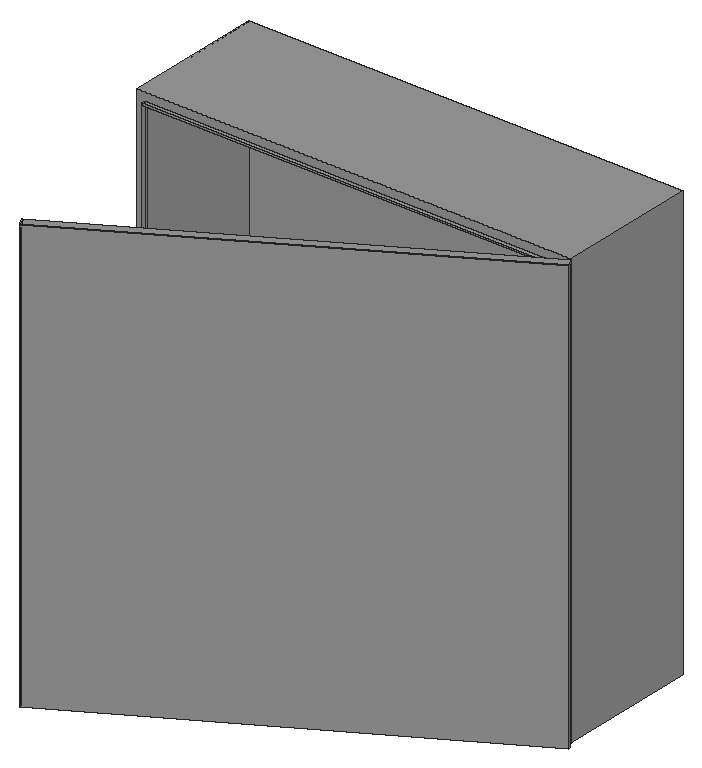
Revit family "Hager-Univers-IP55-D275-H800-Cl.I-Steel_encl-NoHosted-PL-en", category Equipement électrique, Revit 2020
Family settings
  Configuration du panneau = Deux colonnes, circuits au sein
  Cote de connecteur circulaire = Utiliser le diamètre
  Type d'élément = Tableau de raccordement
  Basée sur le plan de construction = Oui
  Toujours verticalement = Oui
  Couper avec des vides une fois chargée = Non
  Partagée = Non
  Point de calcul de pièce = Non
Parameters (values of type "Surface mounted (plaster) IP55 W800 H800 D275  - FR53E")
  Width Control [instance] = if([EF000008 - Width] > Min Width, [EF000008 - Width], Min Width)  # 800 mm
  Commentaires du type = [HG000003 - Range]  # "Univers"
  Thickness Door [instance] = if([EF009171 - Material plate thickness door/cover] > 3 mm, 3 mm, [EF009171 - Material plate thickness door/cover])  # 1.5 mm
  Seal Frame Offset [instance] = 17 mm  # constant formula
  Plinth Visibility [instance] = [HG000027 - Plinth height] > 0 mm  # no
  Min Width [instance] = 100 mm  # constant formula
  Min Depth [instance] = (2 * [EF009170 - Material plate thickness cabinet]) + 1 mm  # 4 mm
  Min Height [instance] = 100 mm  # constant formula
  Internal Frame Depth [instance] = (Door System Depth * 0.5)  # 9 mm
  Panel Name [instance] = ""  # (empty or 0)
  Model = ""
  HG000027 - Plinth height = 0 mm
  HG000026 - Floor standing = no
  HG000024 - Bottom section height = 600 mm
  HG000023 - Double section enclosure = no
  HG000016 - Door 3d visibility [instance] = yes
  HG000015 - Clearance visibility [instance] = no
  HG000014 - Door on the right [instance] = yes
  HG000013 - Door on the left [instance] = not([HG000014 - Door on the right])  # no
  HG000012 - Door swing angle [instance] = 30.00°
  HG000010 - Asymmetric doors = no
  HG000009 - Double swing door = no
  HG000006 - Flush mounted = no
  HG000004 - Manufacturer reference = "FR53E"
  HG000003 - Range = "Univers"
  HG000002 - With door or cover = yes
  Frame Offset Bottom [instance] = 10 mm  # constant formula
  Frame Offset [instance] = 15 mm  # constant formula
  EF015940 - Cover with overpressure release = no
  EF011959 - Degree of protection (NEMA) = ""
  EF009554 - Number of openings for flange plates = 6
  EF009212 - Cover model = "EV000116 - Closed"
  EF009171 - Material plate thickness door/cover = 1.5 mm
  EF009170 - Material plate thickness cabinet = 1.5 mm
  EF008873 - Nominal current (In) = 800 A
  EF007800 - Suitable for lightning protection = no
  EF006306 - With lock = no
  EF006244 - Transparent cover/door = no
  EF005474 - Degree of protection (IP) = "EV006420 - IP55"
  EF004464 - Type of door = "EV002646 - Single"
  EF004427 - Number of modules = 180
  EF004293 - Impact strength = "EV008784 - IK10"
  EF003532 - Suitable for outdoor use = no
  EF002950 - Width in number of modular spacings = 24
  EF001613 - Circuit integrity = "EV000494 - None"
  EF001596 - Material housing = "EV000179 - Steel"
  EF001131 - Internal depth = 275 mm
  EF001088 - Extension possible = yes
  EF000437 - Number of conduit inlets = 6
  EF000339 - Type of cover = "EV004216 - Door"
  EF000266 - Number of rows = 5
  EF000218 - Built-in depth = 0 mm
  EF000118 - With mounting plate = no
  EF000116 - RAL-number = "7035"
  EF000049 - Depth = 275 mm
  EF000040 - Height = 800 mm
  EF000008 - Width = 800 mm
  EF000007 - Colour = "EV000270 - Grey"
  EF000003 - Mounting method = "EV000384 - Surface mounted (plaster)"
  Door System Leaf Tolerance [instance] = 1.5 mm  # constant formula
  Door System Depth [instance] = 18 mm  # constant formula
  Door Height [instance] = Height Control - [HG000027 - Plinth height]  # 800 mm
  Description = ""
  Default Elevation = 1219.2 mm
  Connector Offset [instance] = Height Control / 2  # 400 mm
  Fabricant = "Hager"  # constant formula
  Height Control [instance] = if([EF000040 - Height] > Min Height, [EF000040 - Height], Min Height)  # 800 mm
  Depth Control [instance] = if([EF000049 - Depth] > Min Depth, [EF000049 - Depth], Min Depth)  # 275 mm
  Bottom Top Plate Trim [instance] = 1.5 mm  # constant formula
  Plinth height Ctrl [instance] = if([HG000027 - Plinth height] > 0 mm, [HG000027 - Plinth height], 12 mm)  # 12 mm
Types (5, lengths in mm): name | Width Control | HG000010 - Asymmetric doors | HG000009 - Double swing door | HG000004 - Manufacturer reference | EF009554 - Number of openings for flange plates | EF004464 - Type of door | EF004427 - Number of modules | EF000437 - Number of conduit inlets | EF000008 - Width
  Surface mounted (plaster) IP55 W1050 H800 D275  - FR54E | 1050 | no | yes | "FR54E" | 8 | "EV003602 - Double" | 240 | 8 | 1050
  Surface mounted (plaster) IP55 W1300 H800 D275  - FR55E | 1300 | yes | yes | "FR55E" | 10 | "EV003602 - Double" | 300 | 10 | 1300
  Surface mounted (plaster) IP55 W300 H800 D275  - FR51E | 300 | no | no | "FR51E" | 2 | "EV002646 - Single" | 60 | 2 | 300
  Surface mounted (plaster) IP55 W550 H800 D275  - FR52E | 550 | no | no | "FR52E" | 4 | "EV002646 - Single" | 120 | 4 | 550
  Surface mounted (plaster) IP55 W800 H800 D275  - FR53E | 800 | no | no | "FR53E" | 6 | "EV002646 - Single" | 180 | 6 | 800
Reference planes
  plane 1 "Center (Front/Back)": y = 0
  plane 2: z = 0
  plane 3 "Center (Left/Right)": x = 0
  plane 4: y = 0
  plane 5: y = 0
  plane 6: z = 0
  plane 7: x = -400
  plane 8: x = 400
  plane 9: x = 398.5
  plane 10: x = -398.5
  plane 11: z = 0
  plane 12: z = 1.5
  plane 13: y = -275
  plane 14: y = -1.5
  plane 15: x = 0
  plane 16: y = -257
  plane 17: y = -273.5
  plane 18: y = -255.5
  plane 19: x = -383.5
  plane 20: x = 383.5
  plane 21: z = 11.5
  plane 22: x = -383
  plane 23: x = 383
  plane 24: z = 0
  plane 25: z = 800
  plane 26: z = 800
  plane 27: z = 783.5
  plane 28: z = 798.5
Forms (mm)
  Extrusion 1, solid, material "Hager_Steel_RAL7035_Light_Grey", detail levels medium+fine
    sketch origin (-208.679, -4572, 0) x (-1, 0, 0) y (0, -1, 0)
      loop
        line (191.321, -4315) -> (-608.679, -4315) -> (-608.679, -4572) -> (191.321, -4572) -> (191.321, -4315)
    from 0 to 800
  Extrusion 2, void
    sketch origin (-350.771, -275, 1219.2) x (1, 0, 0) y (0, 0, 1)
      loop
        line (-47.729, -420.7) -> (-47.729, -1217.7) -> (749.271, -1217.7) -> (749.271, -420.7) -> (-47.729, -420.7)
    from -19.5 to -273.5
  Extrusion 3, void
    sketch origin (-290.084, -257, 1219.2) x (1, 0, 0) y (0, 0, 1)
      loop
        line (-93.416, -1207.7) -> (673.584, -1207.7) -> (673.584, -435.7) -> (-93.416, -435.7) -> (-93.416, -1207.7)
    from 0 to -1.5
  Extrusion 4, solid, material "Hager_Steel_RAL7035_Light_Grey", visible <- "Plinth Visibility", detail levels medium+fine
    sketch origin (0, 0, 0) x (1, 0, 0) y (0, 1, 0)
      loop
        line (-400, 0) -> (-400, -257) -> (400, -257) -> (400, 0) -> (-400, 0)
    from 0 to 12 <- "Plinth height Ctrl"
  Extrusion 5, solid, material "Hager_Steel_RAL7035_Light_Grey", detail levels coarse
    sketch origin (0, 0, 0) x (1, 0, 0) y (0, 1, 0)
      loop
        line (-400, 0) -> (-400, -275) -> (400, -275) -> (400, 0) -> (-400, 0)
    from 0 to 800 <- "Height Control"
  Sweep 6, void
    path in 3D
      loop
        line (-400, -257, 12) -> (400, -257, 12) -> (400, 0, 12) -> (-400, 0, 12) -> (-400, -257, 12)
    profile origin (-400, -128.5, 12) x (1, 0, 0) y (0, 0, 1)
      loop
        line (0, 0) -> (0, -1.5) -> (1.5, -1.5)
        arc (1.5, -1.5) -> (1.061, -0.439) -> (0, 0) r 1.5
  Extrusion 7, solid, material "Hager_Steel_RAL7035_Light_Grey", detail levels fine
    sketch origin (-400, -257, 0) x (1, 0, 0) y (0, 0, 1)
      loop
        line (16.5, 11.5) -> (783.5, 11.5) -> (783.5, 783.5) -> (16.5, 783.5) -> (16.5, 11.5)
      loop
        line (15, 10) -> (785, 10) -> (785, 785) -> (15, 785) -> (15, 10)
    from 0 to 9 <- "Internal Frame Depth"
Cuts and joins
  Extrusion 2, Extrusion 3 cuts Extrusion 1
  Sweep 6 cuts Extrusion 4
Lines and regions (mm)
  Masking region 1
    outline origin (0, 0, 0) x (1, 0, 0) y (0, 1, 0)
      loop
        line (-400, 0) -> (-400, -275) -> (400, -275) -> (400, 0) -> (-400, 0)
  Masking region 2, detail levels coarse
    outline origin (-290.084, -257, 1219.2) x (-1, 0, 0) y (0, 0, 1)
      loop
        line (-690.084, -1219.2) -> (109.916, -1219.2) -> (109.916, -419.2) -> (-690.084, -419.2) -> (-690.084, -1219.2)
  Masking region 3, detail levels coarse
    outline origin (0, 0, 0) x (0, 1, 0) y (0, 0, 1)
      loop
        line (0, 0) -> (0, 800) -> (-275, 800) -> (-275, 0) -> (0, 0)
  Masking region 4, visible <- "Plinth Visibility", detail levels medium+fine
    outline origin (0, 0, 0) x (0, 1, 0) y (0, 0, 1)
      loop
        line (-1.5, 12) -> (-255.5, 12)
        arc (-255.5, 12) -> (-255.939, 10.939) -> (-257, 10.5) r 1.5
        line (-257, 10.5) -> (-257, 0) -> (0, 0) -> (0, 10.5)
        arc (0, 10.5) -> (-1.061, 10.939) -> (-1.5, 12) r 1.5
  Masking region 5, detail levels medium+fine
    outline origin (0, 0, 594.038) x (0, 1, 0) y (0, 0, 1)
      loop
        line (0, -594.038) -> (0, 205.962) -> (-257, 205.962) -> (-257, -594.038) -> (0, -594.038)
  Masking region 6, detail levels medium+fine
    outline origin (-359.7, -257, 1211.883) x (-1, 0, 0) y (0, 0, 1)
      loop
        line (-759.7, -1211.883) -> (40.3, -1211.883) -> (40.3, -411.883) -> (-759.7, -411.883) -> (-759.7, -1211.883)
  Masking region 7, visible <- "Plinth Visibility", detail levels medium+fine
    outline origin (-320.334, -257, 1041.368) x (-1, 0, 0) y (0, 0, 1)
      loop
        line (-720.334, -1041.368) -> (79.666, -1041.368) -> (79.666, -1030.868)
        arc (79.666, -1030.868) -> (78.606, -1030.429) -> (78.166, -1029.368) r 1.5
        line (78.166, -1029.368) -> (-718.834, -1029.368)
        arc (-718.834, -1029.368) -> (-719.273, -1030.429) -> (-720.334, -1030.868) r 1.5
        line (-720.334, -1030.868) -> (-720.334, -1041.368)
  sketch lines
    curve 1: line (-400, 0, 12) -> (-400, -257, 12)
    curve 2: line (-400, -257, 12) -> (400, -257, 12)
    curve 3: line (400, 0, 12) -> (-400, 0, 12)
    curve 4: line (400, -257, 12) -> (400, 0, 12)
Dimensions and locks
  locked: plane 1 "Center (Front/Back)" to plane 5
  "EF009170 - Material plate thickness cabinet": plane 7 to plane 10
  "EF009170 - Material plate thickness cabinet": plane 8 to plane 9
  equal spacing: plane 7, plane 3 "Center (Left/Right)", plane 8
  "Width Control": plane 7 to plane 8
  "Depth Control": plane 4 to plane 13
  "EF009170 - Material plate thickness cabinet": plane 4 to plane 14
  "Height Control": plane 25 to level
  "HG000027 - Plinth height": plane 11 to level
  "EF009170 - Material plate thickness cabinet": plane 12 to plane 11
  "EF009170 - Material plate thickness cabinet": plane 17 to plane 13
  "EF009170 - Material plate thickness cabinet": plane 18 to plane 16
  "Frame Offset Bottom": plane 21 to plane 12
  "Frame Offset": plane 10 to plane 19
  "Frame Offset": plane 9 to plane 20
  "Door System Depth": plane 16 to plane 13
  "Seal Frame Offset": plane 7 to plane 22
  "Seal Frame Offset": plane 8 to plane 23
  "EF009170 - Material plate thickness cabinet": plane 26 to plane 28
  "Frame Offset": plane 28 to plane 27
  "Connector Offset": plane 2 to connector elem
  "Bottom Top Plate Trim": profile plane to Sweep 6 sketch curve
  "Bottom Top Plate Trim": Sweep 6 sketch curve to Sweep 6 sketch curve
  "Plinth height Ctrl": Masking region 4 sketch curve to level
  "Plinth height Ctrl": Masking region 7 sketch curve to level
  "Thickness Door": Extrusion 7 sketch curve to Extrusion 7 sketch curve  (x4)
  "Bottom Top Plate Trim": radius of Sweep 6 sketch curve
  "Bottom Top Plate Trim": radius of Masking region 4 sketch curve  (x2)
  "Bottom Top Plate Trim": radius of Masking region 7 sketch curve  (x2)
  aligned and locked: Extrusion 2 sketch curve to plane 12
  aligned and locked: Extrusion 2 sketch curve to plane 9
  aligned and locked: Extrusion 2 sketch curve to plane 10
  aligned and locked: Extrusion 2 to plane 14
  aligned and locked: Extrusion 1 sketch curve to plane 4
  aligned and locked: plane 8 to Extrusion 1 sketch curve
  aligned and locked: plane 7 to Extrusion 1 sketch curve
  aligned and locked: Extrusion 2 to plane 18
  aligned and locked: Extrusion 3 sketch curve to plane 19
  aligned and locked: plane 20 to Extrusion 3 sketch curve
  aligned and locked: Extrusion 3 to Extrusion 2
  aligned and locked: Extrusion 3 sketch curve to plane 21
  aligned and locked: plane 3 "Center (Left/Right)" to nested 1
  aligned and locked: Extrusion 1 sketch curve to plane 16
  aligned and locked: Extrusion 4 sketch curve to cut or joined group of Extrusion 1, Extrusion 2, Extrusion 3
  aligned and locked: Masking region 1 sketch curve to plane 7
  aligned and locked: Masking region 1 sketch curve to plane 5
  aligned and locked: Masking region 1 sketch curve to plane 8
  aligned and locked: Masking region 2 sketch curve to level
  aligned and locked: level to Masking region 3 sketch curve
  aligned and locked: plane 1 "Center (Front/Back)" to Masking region 3 sketch curve
  aligned and locked: plane 13 to Masking region 3 sketch curve
  aligned and locked: plane 5 to Masking region 4 sketch curve
  aligned and locked: Masking region 2 sketch curve to plane 8
  aligned and locked: Masking region 2 sketch curve to plane 7
  aligned and locked: plane 7 to nested 2
  aligned and locked: nested 2 to plane 5
  aligned and locked: plane 5 to Masking region 5 sketch curve
  aligned and locked: plane 26 to Masking region 5 sketch curve
  aligned and locked: Extrusion 5 sketch curve to plane 8
  aligned and locked: Extrusion 5 sketch curve to plane 7
  aligned and locked: Extrusion 5 sketch curve to plane 5
  aligned and locked: Extrusion 3 sketch curve to plane 27
  aligned and locked: Extrusion 2 sketch curve to plane 28
  aligned and locked: Masking region 2 to plane 25
  aligned and locked: Extrusion 4 to plane 16
  aligned and locked: profile plane to Sweep 6 sketch curve
  aligned and locked: Masking region 5 sketch curve to plane 24
  aligned and locked: level to Masking region 4 sketch curve
  aligned and locked: Masking region 1 to plane 13
  aligned and locked: nested 1 to plane 16
  aligned and locked: Masking region 3 to plane 25
  aligned and locked: plane 16 to Masking region 4 sketch curve
  aligned and locked: Masking region 5 sketch curve to plane 16
  aligned and locked: plane 24 to plane 11
  aligned and locked: plane 26 to plane 25
  aligned and locked: plane 26 to cut or joined group of Extrusion 1, Extrusion 2, Extrusion 3
  aligned and locked: nested 1 to plane 24
  aligned and locked: Extrusion 1 to Extrusion 3
  aligned and locked: Masking region 6 sketch curve to plane 8
  aligned and locked: Masking region 6 sketch curve to plane 24
  aligned and locked: Masking region 6 sketch curve to plane 7
  aligned and locked: Masking region 6 sketch curve to plane 26
  aligned and locked: Masking region 7 sketch curve to plane 7
  aligned and locked: level to Masking region 7 sketch curve
  aligned and locked: Masking region 7 sketch curve to plane 8
  aligned and locked: Extrusion 7 sketch curve to cut or joined group of Extrusion 1, Extrusion 2, Extrusion 3  (x4)
Automatic sketch dimensions
  plane 19 to Extrusion 3 sketch curve = 0 mm
  Extrusion 3 sketch curve to plane 20 = 0 mm
  Extrusion 3 sketch curve to plane 21 = 0 mm
  Extrusion 4 sketch curve to plane 7 = 0 mm
  Extrusion 4 sketch curve to plane 8 = 0 mm
  Extrusion 4 sketch curve to plane 16 = 0 mm
  Masking region 1 sketch curve to plane 13 = 0 mm
  Masking region 2 sketch curve to plane 25 = 0 mm
  Masking region 3 sketch curve to plane 25 = 0 mm
  Extrusion 5 sketch curve to plane 13 = 0 mm
  profile plane to Sweep 6 sketch curve = 0 mm
Nested families
  nested 1: "EC000058_Univers_Door" at (0, -257, 0), Double <- "HG000009 - Double swing door", Transparent <- "EF006244 - Transparent cover/door", Angle <- "HG000012 - Door swing angle", Door_Right <- "HG000014 - Door on the right", Assymetrical <- "HG000010 - Asymmetric doors", Door <- "HG000002 - With door or cover", Width_Ctrl <- "Width Control", 3d_Door <- "HG000016 - Door 3d visibility", Clearance <- "HG000015 - Clearance visibility", Door_Left <- "HG000013 - Door on the left", Width <- "Width Control", Door_Depth <- "Door System Depth", Leaf_Tolerance <- "Door System Leaf Tolerance", Height <- "Door Height", Lock_Visibility <- "EF006306 - With lock", Thickness <- "Thickness Door", type "EC000058_Univers_Door", detail levels medium+fine
    with min_wh 4 mm, Width_Ctrl 800 mm, Width 800 mm, Transparent no, Thickness 1.5 mm, Seal_Material Hager_Rubber, Lock_Visibility no, Lock_Material Hager_Plastic_RAL9005_Jet_Black, Leaf_Width 800 mm, Leaf_Tolerance_External_Sides 0 mm, Leaf_Tolerance 1.5 mm, Leaf_Offset 0 mm, Leaf_Height 797 mm, Leaf_2_Width 800 mm, Leaf_2_Offset 400 mm, Leaf_1_Width 800 mm, Leaf_1_Offset 400 mm, Height_Ctrl 800 mm, Height 800 mm, Glass_Material Hager_Glass, Double_Clearance_Ctrl no, Double no, Door_Right_Ctrl yes, Door_Right yes, Door_Material Hager_Steel_RAL7035_Light_Grey, Door_Left_Ctrl no, Door_Left no, Door_Depth 18 mm, Door yes, Clearance_Material Hager_Clearance, Clearance_Depth 800 mm, Clearance_Ctrl no, Clearance no, Assymetrical no, Angle 30.00°, 3d_Door yes
  nested 2: "Hager_Enclosure_Symbol" at (-400, 0, 0), Height <- "Depth Control", Width <- "Width Control", type "Hager_Enclosure_Symbol"
    with Width_Ctrl 800 mm, Width 800 mm, Height_Ctrl 275 mm, Height 275 mm, A_Width_Int 18.047 mm, A_Width 216.562 mm, A_Height_Ctrl 240.625 mm, A_Height 240.625 mm
Connectors
  electrical at (0, 0, 400)
    settings: on plane 1 "Center (Front/Back)", index 1, voltage 0 V, apparent load 0 VA, apparent load phase1 0 VA, apparent load phase2 0 VA, apparent load phase3 0 VA, power factor 1, load classification "Other", number of poles 1, system type 30, power factor state 1, is connector primary yes, connector utility no, sub classification motor no, connector description ""
Definition of nested family "EC000058_Univers_Door"
  Parameters (values of type "EC000058_Univers_Door")
    min_wh [instance] = (2 * Thickness) + 1 mm  # 11 mm
    Width_Ctrl [instance] = 400 mm
    Width [instance] = 500 mm
    Transparent [instance] = yes
    Thickness [instance] = 5 mm
    Seal_Material [instance] = none
    Lock_Visibility [instance] = yes
    Lock_Material [instance] = none
    Leaf_Width [instance] = if((Width_Ctrl - 2 * Leaf_Tolerance_External_Sides) > 0 mm, (Width_Ctrl - 2 * Leaf_Tolerance_External_Sides), min_wh)  # 400 mm
    Leaf_Tolerance_External_Sides [instance] = 0 mm  # constant formula
    Leaf_Tolerance [instance] = 1.5 mm
    Leaf_Offset [instance] = 0 mm  # constant formula
    Leaf_Height [instance] = if((Height_Ctrl - 2 * Leaf_Tolerance) > 0 mm, (Height_Ctrl - 2 * Leaf_Tolerance), min_wh)  # 497 mm
    Leaf_2_Width [instance] = if(and(and(Double, Assymetrical), Door_Left), (Leaf_Width / 3) - (Leaf_Tolerance / 2), if(and(and(Double, Assymetrical), Door_Right), (Leaf_Width / 3) * 2 - (Leaf_Tolerance / 2), if(and(Double, not(Assymetrical)), (Leaf_Width / 2) - Leaf_Tolerance, Leaf_Width)))  # 400 mm
    Leaf_2_Offset [instance] = if(and(Double, Assymetrical), Leaf_2_Width / 2, if(and(Double, not(Assymetrical)), Leaf_Width / 4, Leaf_Width / 2))  # 200 mm
    Leaf_1_Width [instance] = if(and(and(Double, Assymetrical), Door_Right), (Leaf_Width / 3) - (Leaf_Tolerance / 2), if(and(and(Double, Assymetrical), Door_Left), (Width / 3) * 2 - (Leaf_Tolerance / 2), if(and(Double, not(Assymetrical)), (Leaf_Width / 2) - Leaf_Tolerance, Leaf_Width)))  # 400 mm
    Leaf_1_Offset [instance] = if(and(Double, Assymetrical), Leaf_1_Width / 2, if(and(Double, not(Assymetrical)), Leaf_Width / 4, Leaf_Width / 2))  # 200 mm
    Height_Ctrl [instance] = if(Height > min_wh, Height, min_wh)  # 500 mm
    Height [instance] = 500 mm
    Glass_Material [instance] = none
    Double_Clearance_Ctrl [instance] = and(Double, Clearance)  # no
    Double [instance] = no
    Door_Right_Ctrl [instance] = and(or(Door_Right, Double), Door)  # yes
    Door_Right [instance] = yes
    Door_Material [instance] = none
    Door_Left_Ctrl [instance] = and(or(Door_Left, Double), Door)  # no
    Door_Left [instance] = no
    Door_Depth [instance] = 30 mm
    Door [instance] = yes
    Default Elevation = 1219.2 mm
    Clearance_Material [instance] = none
    Clearance_Depth [instance] = if(Leaf_1_Width > Leaf_2_Width, Leaf_1_Width, Leaf_2_Width)  # 400 mm
    Clearance_Ctrl [instance] = and(not(Double), Clearance)  # yes
    Clearance [instance] = yes
    Assymetrical [instance] = yes
    Angle [instance] = 30.00°
    3d_Door [instance] = yes
  Reference planes
    plane 1 "Center (Front/Back)": y = 0
    plane 2 "Bottom": z = 0
    plane 3 "Center (Left/Right)": x = 0
    plane 4: z = 500
    plane 5: x = -200
    plane 6: x = 200
    plane 7: z = 500
    plane 8: x = -200
    plane 9: z = 0
    plane 10: x = 200
    plane 11: y = 0
    plane 12: z = 1.5
    plane 13: x = -600
    plane 14: y = -400
    plane 15: x = 600
    plane 16: x = 0
    plane 17: x = 0
    plane 18: x = -200
    plane 19: x = 200
    plane 20: z = 498.5
  Forms (mm)
    Extrusion 1, solid, material <- "Clearance_Material", visible <- "Double_Clearance_Ctrl"
      sketch origin (1200, 0, 0) x (1, 0, 0) y (0, 0, -1)
        loop
          line (-1800, -498.5) -> (-600, -498.5) -> (-600, 0) -> (-1800, 0) -> (-1800, -498.5)
      from 0 to -400
  Dimensions and locks
    equal spacing: plane 5, plane 3 "Center (Left/Right)", plane 6
    "Width_Ctrl": plane 5 to plane 6
    "Leaf_Offset": plane 5 to plane 8
    "Leaf_Offset": plane 6 to plane 10
    "Leaf_Offset": plane 9 to level
    "Leaf_Offset": plane 4 to plane 7
    "Height_Ctrl": plane 4 to level
    "Leaf_Tolerance": plane 12 to plane 9
    locked: plane 11 to plane 1 "Center (Front/Back)"
    "Leaf_1_Offset": plane 18 to plane 16
    "Leaf_2_Offset": plane 17 to plane 19
    "Leaf_1_Width": plane 13 to plane 8
    "Leaf_2_Width": plane 10 to plane 15
    "Clearance_Depth": plane 14 to plane 1 "Center (Front/Back)"
    "Leaf_Tolerance_External_Sides": plane 8 to plane 18
    "Leaf_Tolerance_External_Sides": plane 19 to plane 10
    "Leaf_Tolerance": plane 7 to plane 20
    aligned and locked: level to plane 2 "Bottom"
    aligned and locked: nested 1 to plane 16
    aligned and locked: nested 2 to plane 17
    aligned and locked: Extrusion 1 to plane 13
    aligned and locked: plane 15 to Extrusion 1
    aligned and locked: Extrusion 1 to plane 14
    aligned and locked: plane 12 to nested 1
    aligned and locked: nested 2 to plane 12
    aligned and locked: Extrusion 1 to plane 11
    aligned and locked: plane 20 to Extrusion 1
    aligned and locked: nested 2 to plane 11
    aligned and locked: nested 1 to plane 11
  Automatic sketch dimensions
    Extrusion 1 sketch curve to level = 0 mm
    plane 5 to Extrusion 1 sketch curve = 400 mm
    plane 6 to Extrusion 1 sketch curve = 400 mm
    Extrusion 1 sketch curve to plane 4 = 1.5 mm
  Nested families
    nested 1: "EC000058_Univers_Door_Leaf" at (0, 0, 1.5), Width <- "Leaf_1_Width", visible <- "Door_Left_Ctrl", Leaf_Height <- "Leaf_Height", Angle <- "Angle", 3d_Door <- "3d_Door", Transparent <- "Transparent", Clearance Material <- "Clearance_Material", Clearance <- "Clearance_Ctrl", Door_Material <- "Door_Material", Glass_Material <- "Glass_Material", Door_Depth <- "Door_Depth", Lock_Material <- "Lock_Material", Seal_Material <- "Seal_Material", Lock_Visibility <- "Lock_Visibility", Thickness <- "Thickness", type "EC000058_Univers_Door_Leaf"
      with Width 400 mm, Transparent_Glass_Offset 30 mm, Transparent_Ctrl yes, Transparent yes, Thickness 5 mm, Standard no, Seal_Material none, Seal_D2 8 mm, Seal_D1 1 mm, Offset_Internal_Frame 10 mm, Lock_Width 20 mm, Lock_Visibility_3d yes, Lock_Visibility yes, Lock_Thickness_3 3 mm, Lock_Thickness_2 1 mm, Lock_Thickness_1 3 mm, Lock_Radius_Offset_2 16 mm, Lock_Radius_Offset_1 15 mm, Lock_Radius_2 5 mm, Lock_Radius 6 mm, Lock_Offset 5 mm, Lock_Material none, Lock_Height 80 mm, Lock_Cover_Top_Offset_2d 17 mm, Lock_Cover_Height -65 mm, Leaf_Height 497 mm, Internal_Seal_Thickness 8 mm, Internal_Seal_Depth_2 4.5 mm, Internal_Frame_Depth 25 mm, Glass_Thickness -1 mm, Glass_Offset -2 mm, Glass_Material none, Door_Material none, Door_Depth 30 mm, Clearance Material none, Clearance yes, Angle_Ctrl 30.00°, Angle 30.00°, 3d_Door yes
    nested 2: "EC000058_Univers_Door_Leaf" at (0, 0, 1.5) x (-1, 0, 0) z (0, 0, 1), Width <- "Leaf_2_Width", visible <- "Door_Right_Ctrl", Leaf_Height <- "Leaf_Height", Angle <- "Angle", 3d_Door <- "3d_Door", Transparent <- "Transparent", Clearance Material <- "Clearance_Material", Clearance <- "Clearance_Ctrl", Door_Material <- "Door_Material", Glass_Material <- "Glass_Material", Door_Depth <- "Door_Depth", Lock_Material <- "Lock_Material", Seal_Material <- "Seal_Material", Lock_Visibility <- "Lock_Visibility", Thickness <- "Thickness", type "EC000058_Univers_Door_Leaf"
      with Width 400 mm, Transparent_Glass_Offset 30 mm, Transparent_Ctrl yes, Transparent yes, Thickness 5 mm, Standard no, Seal_Material none, Seal_D2 8 mm, Seal_D1 1 mm, Offset_Internal_Frame 10 mm, Lock_Width 20 mm, Lock_Visibility_3d yes, Lock_Visibility yes, Lock_Thickness_3 3 mm, Lock_Thickness_2 1 mm, Lock_Thickness_1 3 mm, Lock_Radius_Offset_2 16 mm, Lock_Radius_Offset_1 15 mm, Lock_Radius_2 5 mm, Lock_Radius 6 mm, Lock_Offset 5 mm, Lock_Material none, Lock_Height 80 mm, Lock_Cover_Top_Offset_2d 17 mm, Lock_Cover_Height -65 mm, Leaf_Height 497 mm, Internal_Seal_Thickness 8 mm, Internal_Seal_Depth_2 4.5 mm, Internal_Frame_Depth 25 mm, Glass_Thickness -1 mm, Glass_Offset -2 mm, Glass_Material none, Door_Material none, Door_Depth 30 mm, Clearance Material none, Clearance yes, Angle_Ctrl 30.00°, Angle 30.00°, 3d_Door yes
  Definition of nested family "EC000058_Univers_Door_Leaf"
    Parameters (values of type "EC000058_Univers_Door_Leaf")
      Width [instance] = 2000 mm
      Transparent_Glass_Offset [instance] = 30 mm
      Transparent_Ctrl [instance] = and(Transparent, [3d_Door])  # yes
      Transparent [instance] = yes
      Thickness [instance] = 5 mm
      Standard [instance] = and(not(Transparent), [3d_Door])  # no
      Seal_Material [instance] = none
      Seal_D2 [instance] = 8 mm  # constant formula
      Seal_D1 [instance] = 1 mm  # constant formula
      Offset_Internal_Frame [instance] = 10 mm  # constant formula
      Lock_Width [instance] = 20 mm  # constant formula
      Lock_Visibility_3d [instance] = and(Lock_Visibility, [3d_Door])  # yes
      Lock_Visibility [instance] = yes
      Lock_Thickness_3 [instance] = 3 mm  # constant formula
      Lock_Thickness_2 [instance] = 1 mm  # constant formula
      Lock_Thickness_1 [instance] = 3 mm  # constant formula
      Lock_Radius_Offset_2 [instance] = Lock_Radius_Offset_1 + 1 mm  # 16 mm
      Lock_Radius_Offset_1 [instance] = 15 mm  # constant formula
      Lock_Radius_2 [instance] = Lock_Radius - 1 mm  # 5 mm
      Lock_Radius [instance] = 6 mm  # constant formula
      Lock_Offset [instance] = 5 mm  # constant formula
      Lock_Material [instance] = none
      Lock_Height [instance] = 80 mm  # constant formula
      Lock_Cover_Top_Offset_2d [instance] = Lock_Radius_Offset_2 + 1 mm  # 17 mm
      Lock_Cover_Height [instance] = -(Lock_Height - Lock_Radius_Offset_1)  # -65 mm
      Leaf_Height [instance] = 2720.336 mm
      Internal_Seal_Thickness [instance] = 8 mm  # constant formula
      Internal_Seal_Depth_2 [instance] = 4.5 mm  # constant formula
      Internal_Frame_Depth [instance] = if(Door_Depth - Thickness > 5 mm, Door_Depth - Thickness, 5 mm)  # 25 mm
      Glass_Thickness [instance] = if(Thickness > 15 mm, Glass_Offset + 10 mm, -1 mm)  # -1 mm
      Glass_Offset [instance] = if(Thickness > 15 mm, -(Thickness + 10 mm) / 2, -2 mm)  # -2 mm
      Glass_Material [instance] = none
      Door_Material [instance] = none
      Door_Depth [instance] = 30 mm
      Default Elevation = 0 mm
      Clearance Material [instance] = none
      Clearance [instance] = yes
      Angle_Ctrl [instance] = if(Angle > 180.00°, 180.00°, Angle)  # 90.00°
      Angle [instance] = 90.00°
      3d_Door [instance] = yes
    Reference planes
      plane 1 "Center (Front/Back)": y = 0
      plane 2: z = 0
      plane 3 "Center (Left/Right)": x = 0
      plane 4: y = 2000
      plane 5: x = -1000
      plane 6: x = 1000
      plane 7: x = -3000
      plane 8: z = 2720.336
      plane 9: z = 30
      plane 10: z = 2690.336
      plane 11: x = 970
      plane 12: x = -970
      plane 13: y = -3
      plane 14: z = 107.833
      plane 15: y = -5
      plane 16: y = -223.314
      plane 17: x = -1000
      plane 18: z = 1360.168
      plane 19: y = 30
    Forms (mm)
      Extrusion 1, solid, material <- "Clearance Material", visible <- "Clearance"
        sketch origin (0, 0, 0) x (1, 0, 0) y (0, 0, 1)
          loop
            line (-3000, 2720.336) -> (-3000, 0) -> (1000, 0) -> (1000, 2720.336) -> (-3000, 2720.336)
        from 0 to -2000
      Extrusion 2, solid, material <- "Door_Material", visible <- "Standard", detail levels medium+fine
        sketch origin (-1000, 0, 0) x (0, 1, 0) y (-1, 0, 0)
          loop
            line (0, 30) -> (0, 25) -> (2000, 25) -> (2000, 30) -> (0, 30)
        from 0 to 2720.336 <- "Leaf_Height"
      Extrusion 3, solid, material <- "Door_Material", visible <- "Transparent_Ctrl", detail levels medium+fine
        sketch origin (-1000, 0, 0) x (0, 1, 0) y (-1, 0, 0)
          loop
            line (0, 25) -> (2000, 25) -> (2000, 30) -> (0, 30) -> (0, 25)
        from 0 to 2720.336 <- "Leaf_Height"
      Extrusion 4, void
        sketch origin (-1025, 2000, 0) x (0, 1, 0) y (0, 0, -1)
          loop
            line (-30, -2690.336) -> (-30, -30) -> (-1970, -30) -> (-1970, -2690.336) -> (-30, -2690.336)
        from 0 to 5 <- "Thickness"
      Sweep 5, solid, material <- "Seal_Material", visible <- "Transparent_Ctrl", detail levels fine
        path in 3D
          loop
            line (-1025, 30, 30) -> (-1025, 30, 2690.336) -> (-1025, 1970, 2690.336) -> (-1025, 1970, 30) -> (-1025, 30, 30)
        profile origin (-1025, 1000, 30) x (1, 0, 0) y (0, 0, 1)
          loop
            line (0, 0) -> (0, -8) -> (1, -8) -> (1, 0) -> (0, 0)
      Extrusion 6, solid, material <- "Glass_Material", visible <- "Transparent_Ctrl", detail levels medium+fine
        sketch origin (-1030, 0, 0) x (0, 1, 0) y (0, 0, -1)
          loop
            line (1970, -2690.336) -> (1970, -30) -> (30, -30) -> (30, -2690.336) -> (1970, -2690.336)
        from -2 <- "Glass_Offset" to -1 <- "Glass_Thickness"
      Extrusion 7, solid, material <- "Door_Material", visible <- "3d_Door", detail levels medium+fine
        sketch origin (-1025, 2000, 0) x (0, -1, 0) y (0, 0, -1)
          loop
            line (0, -2720.336) -> (2000, -2720.336) -> (2000, 0) -> (0, 0) -> (0, -2720.336)
          loop
            line (1995, -5) -> (5, -5) -> (5, -2715.336) -> (1995, -2715.336) -> (1995, -5)
        from 0 to 25 <- "Internal_Frame_Depth"
      Sweep 8, solid, material <- "Seal_Material", visible <- "Transparent_Ctrl", detail levels fine
        path in 3D
          loop
            line (-1025, 0, 0) -> (-1025, 2000, 0) -> (-1025, 2000, 2720.336) -> (-1025, 0, 2720.336) -> (-1025, 0, 0)
        profile origin (-1025, 0, 1360.168) x (1, 0, 0) y (0, 1, 0)
          loop
            line (0, 10) -> (2.975, 10)
            arc (2.975, 10) -> (4.053, 10.447) -> (4.5, 11.525) r 1.525
            line (4.5, 11.525) -> (4.5, 16.527)
            arc (4.5, 16.527) -> (4.069, 17.569) -> (3.027, 18) r 1.473
            line (3.027, 18) -> (0, 18) -> (0, 10)
      Extrusion 9, solid, material <- "Lock_Material", visible <- "Lock_Visibility_3d", detail levels fine
        sketch origin (-1030, 0, 0) x (0, 1, 0) y (0, 0, -1)
          loop
            arc (1993.5, -1400.168) -> (1994.561, -1399.729) -> (1995, -1398.668) r 1.5
            line (1995, -1398.668) -> (1995, -1320.168) -> (1975, -1320.168) -> (1975, -1398.668)
            arc (1975, -1398.668) -> (1975.439, -1399.729) -> (1976.5, -1400.168) r 1.5
            line (1976.5, -1400.168) -> (1993.5, -1400.168)
        from 3 <- "Lock_Thickness_1" to 0
      Blend 10, solid, material <- "Lock_Material", visible <- "Lock_Visibility_3d", detail levels fine
        base sketch origin (-1033, 0, 0) x (0, 1, 0) y (0, 0, -1)
          loop
            line (1975, -1320.168) -> (1975, -1398.668)
            arc (1975, -1398.668) -> (1975.439, -1399.729) -> (1976.5, -1400.168) r 1.5
            line (1976.5, -1400.168) -> (1993.5, -1400.168)
            arc (1993.5, -1400.168) -> (1994.561, -1399.729) -> (1995, -1398.668) r 1.5
            line (1995, -1398.668) -> (1995, -1320.168) -> (1975, -1320.168)
        top sketch origin (-1033, 0, 0) x (0, 1, 0) y (0, 0, -1)
          loop
            line (1976, -1320.168) -> (1976, -1398.668)
            arc (1976, -1398.668) -> (1976.146, -1399.022) -> (1976.5, -1399.168) r 0.5
            line (1976.5, -1399.168) -> (1993.5, -1399.168)
            arc (1993.5, -1399.168) -> (1993.854, -1399.022) -> (1994, -1398.668) r 0.5
            line (1994, -1398.668) -> (1994, -1320.168) -> (1976, -1320.168)
        from 0 to 1 <- "Lock_Thickness_2"
      Blend 11, solid, material <- "Lock_Material", visible <- "Lock_Visibility_3d", detail levels fine
        base sketch origin (-1034, 0, 0) x (0, 1, 0) y (0, 0, -1)
          loop
            line (1978, -1320.168) -> (1978, -1384.168)
            arc (1978, -1384.168) -> (1985, -1391.168) -> (1992, -1384.168) r 7
            line (1992, -1384.168) -> (1992, -1320.168) -> (1978, -1320.168)
        top sketch origin (-1034, 0, 0) x (0, 1, 0) y (0, 0, -1)
          loop
            line (1991, -1320.168) -> (1979, -1320.168) -> (1979, -1383.168)
            arc (1979, -1383.168) -> (1985, -1389.168) -> (1991, -1383.168) r 6
            line (1991, -1383.168) -> (1991, -1320.168)
        from 0 to 3 <- "Lock_Thickness_3"
      Extrusion 12, solid, material <- "Lock_Material", visible <- "Lock_Visibility_3d", detail levels fine
        sketch origin (-1030, 1975, 1320.168) x (1, 0, 0) y (0, -1, 0)
          loop
            line (-7, -19) -> (-7, -1) -> (0, -1) -> (0, 0) -> (-8, 0) -> (-8, -20) -> (0, -20) -> (0, -19) -> (-7, -19)
        from 0 to -65 <- "Lock_Cover_Height"
      Extrusion 13, void
        sketch origin (-1038, 1995, 1320.168) x (-1, 0, 0) y (0, 0, -1)
          loop
            line (-5, -65) -> (0, -65) -> (-5, -60) -> (-5, -65)
        from 0 to 20 <- "Lock_Width"
      Extrusion 14, void
        sketch origin (-1038, 1975, 1320.168) x (0, -1, 0) y (0, 0, -1)
          loop
            circle (-10, -15.995) r 6
          loop
            circle (-10, -15.995) r 5
        from 0 to 2
      Extrusion 15, solid, material <- "Lock_Material", visible <- "Lock_Visibility_3d", detail levels medium
        sketch origin (-1030, 0, 0) x (0, 1, 0) y (0, 0, -1)
          loop
            arc (1993.5, -1400.168) -> (1994.561, -1399.729) -> (1995, -1398.668) r 1.5
            line (1995, -1398.668) -> (1995, -1320.168) -> (1975, -1320.168) -> (1975, -1398.668)
            arc (1975, -1398.668) -> (1975.439, -1399.729) -> (1976.5, -1400.168) r 1.5
            line (1976.5, -1400.168) -> (1993.5, -1400.168)
        from 8 to 0
    Cuts and joins
      Extrusion 4 cuts Extrusion 3
      Extrusion 13, Extrusion 14 cuts Extrusion 9
      Extrusion 14 cuts Blend 11
      Extrusion 13, Extrusion 14 cuts Extrusion 12
      joined: Extrusion 9, Blend 10, Blend 11, Extrusion 12
      Extrusion 14 cuts Extrusion 15
    Lines and regions (mm)
      Masking region 1, visible <- "Lock_Visibility", detail levels fine
        outline origin (0, 0, 0) x (0, 1, 0) y (0, 0, 1)
          loop
            line (30, 1320.168) -> (33, 1320.168) -> (33, 1400.168) -> (30, 1400.168) -> (30, 1320.168)
      Masking region 2, visible <- "Lock_Visibility", detail levels fine
        outline origin (0, 3.143, 0) x (0, 1, 0) y (0, 0, 1)
          loop
            line (29.857, 1354.168) -> (30.857, 1354.168) -> (30.857, 1366.168) -> (29.857, 1366.168) -> (29.857, 1354.168)
      Masking region 3, detail levels medium+fine
        outline origin (0, 0, 0) x (0, 1, 0) y (0, 0, 1)
          loop
            line (0, 0) -> (30, 0) -> (30, 2720.336) -> (0, 2720.336) -> (0, 0)
      Masking region 4, detail levels medium+fine
        outline origin (0, 0, 0) x (1, 0, 0) y (0, 0, 1)
          loop
            line (-1000, 2720.336) -> (-1000, 0) -> (1000, 0) -> (1000, 2720.336) -> (-1000, 2720.336)
      Masking region 5, visible <- "Lock_Visibility", detail levels fine
        outline origin (-47.116, 0, 0) x (1, 0, 0) y (0, 0, 1)
          loop
            arc (1024.616, 1399.168) -> (1023.556, 1398.729) -> (1023.116, 1397.668) r 1.5
            line (1023.116, 1397.668) -> (1023.116, 1320.168) -> (1041.116, 1320.168) -> (1041.116, 1397.668)
            arc (1041.116, 1397.668) -> (1040.677, 1398.729) -> (1039.616, 1399.168) r 1.5
            line (1039.616, 1399.168) -> (1024.616, 1399.168)
      Masking region 6, visible <- "Lock_Visibility", detail levels medium+fine
        outline origin (-25, 0, 0) x (1, 0, 0) y (0, 0, 1)
          loop
            arc (1001.5, 1400.168) -> (1000.439, 1399.729) -> (1000, 1398.668) r 1.5
            line (1000, 1398.668) -> (1000, 1320.168) -> (1020, 1320.168) -> (1020, 1398.668)
            arc (1020, 1398.668) -> (1019.561, 1399.729) -> (1018.5, 1400.168) r 1.5
            line (1018.5, 1400.168) -> (1001.5, 1400.168)
      Masking region 7, visible <- "Lock_Visibility", detail levels fine
        outline origin (-73.735, 0, 0) x (1, 0, 0) y (0, 0, 1)
          loop
            line (1051.735, 1382.168) -> (1065.735, 1382.168) -> (1065.735, 1384.168)
            arc (1065.735, 1384.168) -> (1058.735, 1391.168) -> (1051.735, 1384.168) r 7
            line (1051.735, 1384.168) -> (1051.735, 1382.168)
      Masking region 8, visible <- "Lock_Visibility", detail levels fine
        outline origin (-73.735, 0, 0) x (1, 0, 0) y (0, 0, 1)
          loop
            line (1052.735, 1382.168) -> (1064.735, 1382.168) -> (1064.735, 1383.168)
            arc (1064.735, 1383.168) -> (1058.735, 1389.168) -> (1052.735, 1383.168) r 6
            line (1052.735, 1383.168) -> (1052.735, 1382.168)
      Masking region 9, visible <- "Lock_Visibility", detail levels fine
        outline origin (-25, 0, 0) x (1, 0, 0) y (0, 0, 1)
          loop
            line (1020, 1320.168) -> (1020, 1382.168) -> (1000, 1382.168) -> (1000, 1320.168) -> (1020, 1320.168)
      Masking region 10, detail levels medium+fine
        outline origin (0, 0, 0) x (1, 0, 0) y (0, 0, 1)
          loop
            circle (985, 1335.144) r 6
      Masking region 11, detail levels fine
        outline origin (0, 0, 0) x (1, 0, 0) y (0, 0, 1)
          loop
            circle (985, 1335.144) r 5
      Masking region 12, visible <- "Lock_Visibility", detail levels fine
        outline origin (0, 12.767, 0) x (0, 1, 0) y (0, 0, 1)
          loop
            line (20.233, 1320.168) -> (21.233, 1320.168) -> (21.233, 1399.168) -> (20.233, 1400.168) -> (20.233, 1320.168)
      Masking region 13, visible <- "Lock_Visibility", detail levels fine
        outline origin (0, 13.767, -10) x (0, 1, 0) y (0, 0, 1)
          loop
            line (20.233, 1330.168) -> (23.233, 1330.168) -> (23.233, 1399.168) -> (20.233, 1402.168) -> (20.233, 1330.168)
      Masking region 14, visible <- "Lock_Visibility", detail levels fine
        outline origin (0, 12.767, -10) x (0, 1, 0) y (0, 0, 1)
          loop
            line (20.233, 1330.168) -> (25.233, 1330.168) -> (25.233, 1399.305) -> (20.233, 1394.305) -> (20.233, 1330.168)
      Masking region 15, visible <- "Lock_Visibility", detail levels medium
        outline origin (0, 0, 0) x (0, 1, 0) y (0, 0, 1)
          loop
            line (30, 1320.168) -> (38, 1320.168) -> (38, 1400.168) -> (30, 1400.168) -> (30, 1320.168)
      Masking region 16, visible <- "Lock_Visibility", detail levels fine
        outline origin (-1000, 0, 0) x (0, 1, 0) y (-1, 0, 0)
          loop
            line (1975, 30) -> (1995, 30) -> (1995, 38) -> (1975, 38) -> (1975, 30)
          loop
            line (1979, 37) -> (1976, 37) -> (1976, 34) -> (1978, 34) -> (1979, 37)
          loop
            line (1994, 37) -> (1991, 37) -> (1992, 34) -> (1994, 34) -> (1994, 37)
      Masking region 17, visible <- "Lock_Visibility", detail levels medium
        outline origin (-1000, 0, 0) x (0, 1, 0) y (-1, 0, 0)
          loop
            line (1975, 30) -> (1995, 30) -> (1995, 38) -> (1975, 38) -> (1975, 30)
      symbolic lines
        curve 1: line (1000, 0, 0) -> (-3000, 0, 0)
        curve 2: arc (1000, 0, 0) -> (-1000, 2000, 0) -> (-3000, 0, 0) r 2000
        curve 4: line (-1030, 0, 0) -> (-1030, 2000, 0)
      reference lines
        curve 3: line (-1000, 0, 0) -> (-1000, 2000, 0)
      symbolic lines, detail levels medium+fine
        curve 5: line (-1030, 2000, 0) -> (-1025, 2000, 0)
        curve 7: line (-1025, 0, 0) -> (-1030, 0, 0)
        curve 8: line (-1025, 0, 0) -> (-1000, 0, 0)
        curve 9: line (-1000, 0, 0) -> (-1000, 2000, 0)
        curve 10: line (-1000, 2000, 0) -> (-1025, 2000, 0)
      symbolic lines, detail levels fine
        curve 6: line (-1025, 2000, 0) -> (-1025, 0, 0)
      sketch lines
        curve 11: line (-1025, 0, 2720.336) -> (-1025, 0, 0)
        curve 12: line (-1025, 2000, 0) -> (-1025, 0, 0)
        curve 13: line (-1025, 2000, 2720.336) -> (-1025, 2000, 0)
        curve 14: line (-1025, 0, 2720.336) -> (-1025, 2000, 2720.336)
        curve 15: line (-1025, 1970, 30) -> (-1025, 30, 30)
        curve 16: line (-1025, 30, 30) -> (-1025, 30, 2690.336)
        curve 17: line (-1025, 1970, 2690.336) -> (-1025, 1970, 30)
        curve 18: line (-1025, 30, 2690.336) -> (-1025, 1970, 2690.336)
      symbolic lines, visible <- "Transparent", detail levels medium+fine
        curve 19: line (-970, 0, 2690.336) -> (970, 0, 2690.336)
        curve 20: line (-970, 0, 30) -> (-970, 0, 2690.336)
        curve 21: line (970, 0, 30) -> (-970, 0, 30)
        curve 22: line (970, 0, 2690.336) -> (970, 0, 30)
    Dimensions and locks
      "Width": plane 1 "Center (Front/Back)" to plane 4
      equal spacing: plane 5, plane 3 "Center (Left/Right)", plane 6
      "Width": plane 5 to plane 6
      "Width": plane 7 to plane 5
      "Leaf_Height": plane 8 to level
      "Width": curve 5 to curve 3
      "Width": curve 3 to curve 3
      plane 8 to plane 10 = 30 mm
      plane 9 to level = 30 mm
      plane 12 to plane 5 = 30 mm
      plane 6 to plane 11 = 30 mm
      Extrusion 1 to Extrusion 4 sketch curve = 30 mm
      "Transparent_Glass_Offset": curve 3 to Extrusion 4 sketch curve
      "Transparent_Glass_Offset": Extrusion 4 sketch curve to cut or joined group of Extrusion 3, Extrusion 4  (x2)
      cut or joined group of Extrusion 3, Extrusion 4 to Extrusion 6 sketch curve = 30 mm
      "Transparent_Glass_Offset": cut or joined group of Extrusion 3, Extrusion 4 to Extrusion 4 sketch curve
      "Thickness": curve 6 to curve 4
      "Thickness": Extrusion 7 sketch curve to Extrusion 7 sketch curve  (x4)
      "Door_Depth": curve 4 to curve 3
      "Offset_Internal_Frame": profile plane to Sweep 8 sketch curve
      "Internal_Seal_Thickness": Sweep 8 sketch curve to Sweep 8 sketch curve
      "Internal_Seal_Depth_2": profile plane to Sweep 8 sketch curve
      "Seal_D1": profile plane to Sweep 5 sketch curve
      "Seal_D2": profile plane to Sweep 5 sketch curve
      "Thickness": Extrusion 2 sketch curve to Extrusion 2 sketch curve
      equal spacing: Extrusion 9 sketch curve, plane 18, Extrusion 9 sketch curve  (x2)
      equal spacing: Masking region 1 sketch curve, plane 18, Masking region 1 sketch curve
      "Lock_Height": Masking region 1 sketch curve to Masking region 1 sketch curve
      "Lock_Radius": Masking region 2 sketch curve to plane 18 to Masking region 2 sketch curve
      Masking region 2 sketch curve to Masking region 1 = 1 mm
      "Door_Depth": plane 19 to plane 1 "Center (Front/Back)"
      "Lock_Thickness_1": Masking region 1 sketch curve to plane 19
      "Lock_Width": Extrusion 9 sketch curve to Extrusion 9 sketch curve
      "Lock_Height": Extrusion 9 sketch curve to Extrusion 9 sketch curve
      "Lock_Offset": cut or joined group of Extrusion 3, Extrusion 4 to Extrusion 9 sketch curve
      equal spacing: plane 8, plane 18, level
      "Lock_Radius_Offset_1": Blend 11 sketch curve to Blend 10
      locked: Blend 10 to Blend 11 sketch curve at 2  (x2)
      locked: var sketch to Blend 11 sketch curve at 1  (x2)
      "Lock_Radius_Offset_2": Blend 11 sketch curve to Blend 10
      locked: Extrusion 12 sketch curve to Extrusion 12 sketch curve at 1  (x3)
      Masking region 6 sketch curve to Masking region 6 sketch curve = 80 mm
      "Lock_Height": Masking region 6 sketch curve to Masking region 6 sketch curve
      "Lock_Width": Masking region 6 sketch curve to Masking region 6 sketch curve
      locked: Masking region 6 to Masking region 5 sketch curve at 1  (x3)
      locked: Masking region 5 to Masking region 7 sketch curve at 2  (x2)
      "Lock_Radius_Offset_1": Masking region 5 to Masking region 7 sketch curve
      "Lock_Radius_Offset_2": Masking region 5 to Masking region 8 sketch curve
      locked: Masking region 7 to Masking region 8 sketch curve at 1  (x2)
      "Lock_Cover_Top_Offset_2d": Masking region 5 to Masking region 9 sketch curve
      equal spacing: Masking region 9, Masking region 10 sketch curve, Masking region 9
      equal spacing: Masking region 9, Masking region 11 sketch curve, Masking region 9
      Extrusion 15 sketch curve to Extrusion 15 sketch curve = 80 mm
      "Lock_Width": Extrusion 15 sketch curve to Extrusion 15 sketch curve
      "Lock_Height": Extrusion 15 sketch curve to Extrusion 15 sketch curve
      equal spacing: Extrusion 15 sketch curve, plane 18, Extrusion 15 sketch curve
      "Lock_Thickness_3": Masking region 13 sketch curve to Masking region 13 sketch curve
      "Lock_Height": Masking region 12 sketch curve to Masking region 12 sketch curve
      locked: Masking region 13 sketch curve to Masking region 1 at 8
      locked: Masking region 14 sketch curve to Masking region 13 at 1
      locked: Masking region 14 sketch curve to Masking region 1 at 10.863
      "Lock_Height": Masking region 15 sketch curve to Masking region 15 sketch curve
      "Lock_Offset": Extrusion 15 sketch curve to cut or joined group of Extrusion 3, Extrusion 4
      "Lock_Offset": plane 6 to Masking region 6 sketch curve
      radius of Sweep 8 sketch curve = 1.525 mm
      radius of Sweep 8 sketch curve = 1.473 mm
      radius of Extrusion 9 sketch curve = 1.5 mm  (x2)
      "Lock_Radius": radius of Extrusion 14 sketch curve
      "Lock_Radius_2": radius of Extrusion 14 sketch curve
      "Lock_Radius": radius of Masking region 10 sketch curve
      "Lock_Radius_2": radius of Masking region 11 sketch curve
      radius of Extrusion 15 sketch curve = 1.5 mm  (x2)
      "Angle_Ctrl": angle plane 1 "Center (Front/Back)" to curve 3
      locked: Masking region 12 sketch curve to Masking region 12 sketch curve (angle 45.00°)
      locked: Masking region 13 sketch curve to Masking region 13 sketch curve (angle 45.00°)
      locked: Masking region 14 sketch curve to Masking region 14 sketch curve (angle 45.00°)
      aligned and locked: level to plane 2
      aligned and locked: Extrusion 1 to curve 1
      aligned and locked: plane 6 to Extrusion 1
      aligned and locked: Extrusion 1 to plane 1 "Center (Front/Back)"
      aligned and locked: plane 4 to Extrusion 1
      aligned and locked: plane 8 to Extrusion 1
      aligned and locked: curve 7 to Extrusion 2 sketch curve
      aligned and locked: curve 5 to Extrusion 2 sketch curve
      aligned and locked: curve 7 to Extrusion 3 sketch curve
      aligned and locked: Extrusion 3 sketch curve to curve 4
      aligned and locked: Extrusion 3 sketch curve to curve 6
      aligned and locked: Extrusion 3 sketch curve to curve 5
      aligned and locked: curve 9 to curve 3
      aligned and locked: Extrusion 7 sketch curve to cut or joined group of Extrusion 3, Extrusion 4  (x4)
      aligned and locked: plane 17 to curve 3
      aligned and locked: plane 1 "Center (Front/Back)" to curve 3
      aligned and locked: plane 17 to plane 5
      aligned and locked: Sweep 8 sketch curve to profile plane
      aligned and locked: Sweep 5 sketch curve to profile plane  (x2)
      aligned and locked: Masking region 1 to Masking region 2 sketch curve
      aligned and locked: plane 19 to Masking region 1 sketch curve
      aligned and locked: plane 1 "Center (Front/Back)" to Masking region 3 sketch curve
      aligned and locked: plane 19 to Masking region 3 sketch curve
      aligned and locked: level to Masking region 3 sketch curve
      aligned and locked: Masking region 3 sketch curve to plane 8
      aligned and locked: plane 17 to Masking region 4 sketch curve
      aligned and locked: level to Masking region 4 sketch curve
      aligned and locked: Masking region 4 sketch curve to plane 8
      aligned and locked: plane 12 to curve 20
      aligned and locked: plane 10 to curve 19
      aligned and locked: plane 11 to curve 22
      aligned and locked: curve 21 to plane 9
      aligned and locked: Extrusion 2 sketch curve to cut or joined group of Extrusion 3, Extrusion 4
      aligned and locked: Blend 10 sketch curve to Extrusion 9  (x4)
      aligned and locked: Extrusion 9 to Blend 10 sketch curve
      aligned and locked: Blend 10 to Blend 11 sketch curve
      aligned and locked: Extrusion 12 sketch curve to Blend 11
      aligned and locked: Extrusion 12 sketch curve to Extrusion 9  (x4)
      aligned and locked: Masking region 5 sketch curve to Masking region 6
      aligned and locked: Masking region 9 sketch curve to Masking region 6  (x3)
      aligned and locked: Masking region 12 sketch curve to Masking region 1
      aligned and locked: Masking region 13 sketch curve to Masking region 1
      aligned and locked: Masking region 12 to Masking region 14
      aligned and locked: Masking region 14 sketch curve to Masking region 1
      aligned and locked: Masking region 15 sketch curve to Masking region 14
      aligned and locked: Masking region 13 sketch curve to Masking region 12
      aligned and locked: Masking region 16 sketch curve to cut or joined group of Extrusion 14, Extrusion 15  (x4)
      aligned and locked: Masking region 16 sketch curve to cut or joined group of Extrusion 9, Blend 10, Blend 11, Extrusion 12, Extrusion 13, Extrusion 14  (x6)
      aligned and locked: cut or joined group of Extrusion 9, Blend 10, Blend 11, Extrusion 12, Extrusion 13, Extrusion 14 to Masking region 16 sketch curve
      aligned and locked: Masking region 17 sketch curve to cut or joined group of Extrusion 14, Extrusion 15  (x3)
      aligned and locked: Masking region 17 sketch curve to cut or joined group of Extrusion 9, Blend 10, Blend 11, Extrusion 12, Extrusion 13, Extrusion 14
      aligned and locked: Masking region 9 to Masking region 8 sketch curve
      aligned and locked: Masking region 9 to Masking region 7 sketch curve
    Automatic sketch dimensions
      plane 1 "Center (Front/Back)" to curve 2 = 0 mm
      curve 2 to plane 5 = 0 mm
      Extrusion 1 sketch curve to level = 0 mm
      Extrusion 1 sketch curve to plane 7 = 0 mm
      Extrusion 1 sketch curve to plane 6 = 0 mm
      Extrusion 1 sketch curve to plane 8 = 0 mm
      Extrusion 3 to Extrusion 6 sketch curve = 30 mm  (x4)
      Masking region 4 sketch curve to plane 6 = 0 mm
      Blend 10 sketch curve to Extrusion 9 = 1.5 mm
      Blend 10 sketch curve to Extrusion 9 = 1 mm
      Extrusion 13 sketch curve to Extrusion 12 = 0 mm  (x2)
      Extrusion 12 to Extrusion 13 sketch curve = 3 mm
      Extrusion 13 sketch curve to Extrusion 12 = 5 mm
      Extrusion 14 sketch curve to Extrusion 14 sketch curve = 0 mm  (x2)
      Extrusion 14 sketch curve to Extrusion 12 = 10 mm
      Extrusion 14 sketch curve to Extrusion 12 = 15.995 mm
      Masking region 5 sketch curve to Masking region 5 sketch curve = 1.5 mm  (x2)
      Masking region 10 sketch curve to plane 18 = 25.024 mm
      Masking region 11 sketch curve to plane 18 = 25.024 mm
      plane 19 to Masking region 14 sketch curve = 3 mm
      Masking region 16 sketch curve to Masking region 16 sketch curve = 3 mm
      curve 4 to curve 3 = 0 mm
      Blend 10 to Blend 11 sketch curve = 0 mm
      Masking region 6 sketch curve to Masking region 6 sketch curve = 1.5 mm  (x2)
      Masking region 6 sketch curve to plane 18 = 40 mm
      plane 19 to Masking region 12 sketch curve = 3 mm
      Masking region 12 sketch curve to Masking region 12 sketch curve = 1 mm
      Masking region 15 sketch curve to plane 19 = 0 mm
      Masking region 15 sketch curve to plane 18 = 40 mm
      radius of Blend 10 sketch curve to Extrusion 9 = 1 mm
Definition of nested family "Hager_Enclosure_Symbol"
  Parameters (values of type "Hager_Enclosure_Symbol")
    Width_Ctrl [instance] = if(Width > 1 mm, Width, 1 mm)  # 102.27 mm
    Width [instance] = 102.27 mm
    Height_Ctrl [instance] = if(Height > 1 mm, Height, 1 mm)  # 66.5 mm
    A_Width_Int [instance] = if(A_Width / 12 > 2 mm, A_Width / 12, 2 mm)  # 4.364 mm
    A_Width [instance] = if(A_Height_Ctrl * 0.9 > 2 mm, A_Height_Ctrl * 0.9, 2 mm)  # 52.369 mm
    A_Height_Ctrl [instance] = if(A_Height > 2 mm, A_Height, 2 mm)  # 58.188 mm
    Height [instance] = 66.5 mm
    A_Height [instance] = Height - (Height / 8)  # 58.188 mm
  Reference planes
    plane 1 "Centre (avant/arrière)": y = 0
    plane 2: z = 0
    plane 3 "Centre (gauche/droite)": x = 0
    plane 4: x = 52.369
    plane 5: y = 33.042
    plane 6: y = 41.77
    plane 7: y = 66.5
    plane 8: x = 26.184
    plane 9: y = 37.406
    plane 10: x = 102.27
    plane 11: y = 66.5
    plane 12: y = 8.313
  Lines and regions (mm)
    Filled region 1, type "Solid_Black", in view "Niveau de réf."
      outline origin (0, 0, 0) x (1, 0, 0) y (0, 1, 0)
        loop
          line (52.369, 66.5) -> (33.188, 54.536) -> (45.365, 45.006) -> (52.369, 66.5)
    Filled region 2, type "Solid_Black", in view "Niveau de réf."
      outline origin (0, 0, 0) x (1, 0, 0) y (0, 1, 0)
        loop
          line (0, 0) -> (102.27, 0) -> (102.27, 66.5) -> (0, 0)
    detail lines, in view "Niveau de réf."
      curve 1: line (0, 8.313, 0) -> (26.184, 41.77, 0)
      curve 2: line (26.184, 41.77, 0) -> (26.184, 33.042, 0)
      curve 3: line (26.184, 33.042, 0) -> (52.369, 66.5, 0)
  Dimensions and locks
    "A_Width": plane 3 "Centre (gauche/droite)" to plane 4
    equal spacing: plane 3 "Centre (gauche/droite)", plane 8, plane 4
    equal spacing: plane 6, plane 9, plane 5
    equal spacing: curve 3, Filled region 1 sketch curve, Filled region 1 sketch curve
    "Height_Ctrl": plane 1 "Centre (avant/arrière)" to plane 11
    "A_Height_Ctrl": plane 11 to plane 12
    equal spacing: plane 11, plane 9, plane 12
    "A_Width_Int": plane 6 to plane 9
    "Width_Ctrl": plane 3 "Centre (gauche/droite)" to plane 10
    angle Filled region 1 sketch curve to curve 3 = 20.00°
    angle curve 3 to Filled region 1 sketch curve = 20.00°
    locked: curve 3 to Filled region 1 sketch curve (angle 90.00°)
    aligned and locked: plane 10 to Filled region 2
    aligned and locked: plane 11 to Filled region 2 sketch curve
    aligned and locked: plane 10 to Filled region 2 sketch curve
    aligned and locked: plane 3 "Centre (gauche/droite)" to curve 1
    aligned and locked: plane 12 to curve 1
    aligned and locked: plane 7 to plane 11
  Automatic sketch dimensions
    Filled region 1 sketch curve to plane 4 = 0 mm
    Filled region 1 sketch curve to plane 7 = 0 mm
    plane 1 "Centre (avant/arrière)" to Filled region 2 sketch curve = 0 mm
    Filled region 2 sketch curve to plane 3 "Centre (gauche/droite)" = 0 mm
    curve 2 to plane 6 = 0 mm
    curve 2 to plane 8 = 0 mm
    curve 3 to plane 4 = 0 mm
    curve 2 to plane 5 = 0 mm
    curve 3 to plane 7 = 0 mm
